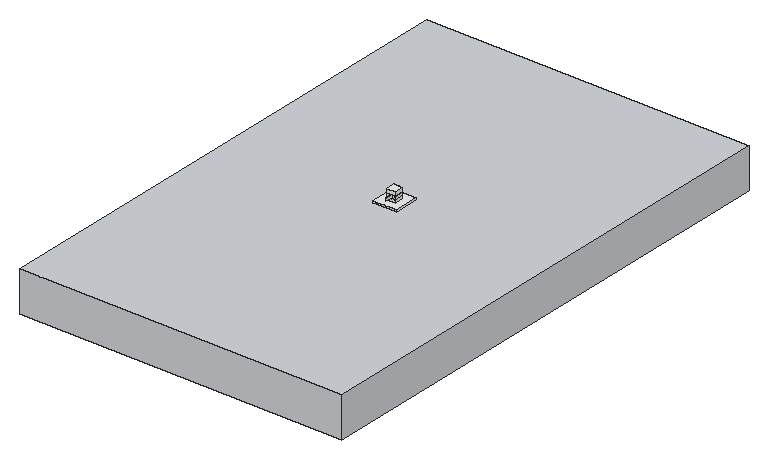
Revit family "Thermostatic_Trim-GROHE-Eurocube-19926000", category Plumbing Fixtures, host Face, Revit 2014
Parameters (values of type "19926000")
  Width = 7 3/16"  # constant formula
  Waste Connection = no
  Warranty Documentation Link = "https://cdn.cloud.grohe.com/tpi/1000/1900/1940/1949/1949006/original/1949006.pdf"
  WFU = 4  # constant formula
  Vent Connection = no
  URL = "https://www.grohe.us/"
  Type Comments = ""
  Tempered Connection Radius = Tempered Connection Diameter / 2  # 1/4"
  Tempered Connection Diameter = Hot Water Connection Diameter  # 1/2"
  Product Page URL = "https://www.grohe.us/en_us/eurocube-single-function-thermostatic-trim-with-control-module-19926000.html"
  Price = "Prices may vary. Please consult Manufacturer Representative for most up-to-date price list."  # constant formula
  Model = "19926000"
  Material = "Metal-Grohe-000-Chrome"
  Manufacturer = "Grohe"
  Length = 3 7/16"  # constant formula
  Installation Type = "Wall Mounted"
  Hot Water Connection Radius = Hot Water Connection Diameter / 2  # 1/4"
  Hot Water Connection Diameter = Cold Water Connection Diameter  # 1/2"
  Height = 40"
  HWFU = 3  # constant formula
  HW Connection = yes
  Flow Rate = "6.6 gpm (25 L/min)"  # constant formula
  Finish = Metal-Grohe-000-Chrome
  Description = "Eurocube Single function thermostatic trim with control module"  # constant formula
  Default Elevation = 44"  # constant formula
  Creation Date = "06/29/2017"  # constant formula
  Cold Water Connection Radius = 1/4"  # constant formula
  Cold Water Connection Diameter = Cold Water Connection Radius * 2  # 1/2"
  CWFU = 3  # constant formula
  CW Connection = yes
  Assembly Code = "D2010710"
Reference planes (in)
  plane 1 "Center (Front/Back)": y = 0
  plane 2: z = 0
  plane 3 "Center (Left/Right)": x = 0
  plane 4: y = 40
  plane 5: y = -18
  plane 6: y = -39
  plane 7: y = 3.34375
  plane 8: y = -3.34375
  plane 9: x = 3.34375
  plane 10: x = -3.34375
  plane 11: z = 0.75
  plane 12: y = 1.25
  plane 13: y = -1.25
  plane 14: x = -1.25
  plane 15: x = 1.25
  plane 16: x = -0.15075
  plane 17: x = 0.15075
Forms (in)
  Extrusion 1, solid
    sketch origin (0, 0, 0) x (1, 0, 0) y (0, 1, 0)
      loop
        line (-48, 72) -> (-48, -79.70833) -> (48, -79.70833) -> (48, 72) -> (-48, 72)
    from 0 to -12
  Extrusion 2, solid, material "Metal-Grohe-000-Chrome" <- "Finish"
    sketch origin (0, 0, 0) x (1, 0, 0) y (0, 1, 0)
      loop
        line (-3.53758, 3.58094) -> (-3.53758, -3.60462) -> (3.53758, -3.60462) -> (3.53758, 3.58094) -> (-3.53758, 3.58094)
    from 0 to 0.50639
  Extrusion 3, solid, material "Metal-Grohe-000-Chrome" <- "Finish"
    sketch origin (0, 0, 0) x (1, 0, 0) y (0, 1, 0)
      loop
        line (-1.27501, 1.26317) -> (-1.27501, -1.28685) -> (1.27501, -1.28685) -> (1.27501, 1.26317) -> (-1.27501, 1.26317)
    from 0.18606 to 3.51071
  Extrusion 4, void
    sketch origin (0, 0, 0) x (1, 0, 0) y (0, 1, 0)
      loop
        line (-1.21251, 1.20067) -> (-1.21251, -1.22435) -> (1.21251, -1.22435) -> (1.21251, 1.20067) -> (-1.21251, 1.20067)
      loop
        line (-1.33751, 1.32567) -> (-1.33751, -1.34935) -> (1.33751, -1.34935) -> (1.33751, 1.32567) -> (-1.33751, 1.32567)
    from 1.36659 to 1.43215
  Extrusion 5, solid, material "Metal-Grohe-000-Chrome" <- "Finish"
    sketch origin (0, 0, 0) x (1, 0, 0) y (0, 1, 0)
      loop
        line (-0.09197, -3.34375) -> (0.09197, -3.34375) -> (0.1607, -0.93856) -> (-0.1607, -0.93856) -> (-0.09197, -3.34375)
    from 1.46131 to 2.17914
  Extrusion 6, solid, material "Metal-Grohe-000-Chrome" <- "Finish"
    sketch origin (0, 0, 0) x (1, 0, 0) y (0, 1, 0)
      loop
        circle (-0.81362, 0) r 0.25
      loop
        circle (0.81362, 0) r 0.25
    from 0 to 0.0625
  Extrusion 7, solid, material "Metal-Grohe-000-Chrome" <- "Finish"
    sketch origin (0, 0, 0) x (0, 1, 0) y (0, 0, 1)
      loop
        line (1.63208, 3.20018) -> (0.69479, 3.20018) -> (0.69479, 2.40512) -> (1.63208, 2.40512) -> (1.63208, 3.20018)
    from -0.15075 to 0.15075
  Extrusion 8, void
    sketch origin (0, -0.04483, 0.85534) x (1, 0, 0) y (0, 1, 0)
      loop
        line (-1.21251, 1.20067) -> (-1.21251, -1.22435) -> (1.21251, -1.22435) -> (1.21251, 1.20067) -> (-1.21251, 1.20067)
      loop
        line (-1.33751, 1.32567) -> (-1.33751, -1.34935) -> (1.33751, -1.34935) -> (1.33751, 1.32567) -> (-1.33751, 1.32567)
    from 1.36659 to 1.43215
Cuts and joins
  Extrusion 4, Extrusion 8 cuts Extrusion 2
  Extrusion 4, Extrusion 8 cuts Extrusion 3
  Extrusion 8 cuts Extrusion 5
  Extrusion 8 cuts Extrusion 6
  joined: Extrusion 2, Extrusion 3, Extrusion 5, Extrusion 6, Extrusion 7
Lines and regions (in)
  Masking region 1
    outline origin (0, 0, 0) x (1, 0, 0) y (0, 0, 1)
      loop
        line (3.53758, 0) -> (3.53758, 0.50639) -> (1.27501, 0.50639) -> (1.27501, 1.36659) -> (1.21251, 1.36659) -> (1.21251, 1.43215) -> (1.27501, 1.43215) -> (1.27501, 2.22193) -> (1.21251, 2.22193) -> (1.21251, 2.28749) -> (1.27501, 2.28749) -> (1.27501, 3.51071) -> (-1.27501, 3.51071) -> (-1.27501, 2.28749) -> (-1.21251, 2.28749) -> (-1.21251, 2.22193) -> (-1.27501, 2.22193) -> (-1.27501, 1.43215) -> (-1.21251, 1.43215) -> (-1.21251, 1.36659) -> (-1.27501, 1.36659) -> (-1.27501, 0.50639) -> (-3.53758, 0.50639) -> (-3.53758, 0) -> (3.53758, 0)
  symbolic lines, detail levels medium+fine
    curve 1: line (1.27501, 0, 0.50639) -> (-1.27501, 0, 0.50639)
    curve 6: line (0.15075, 0, 3.20018) -> (-0.15075, 0, 3.20018)
    curve 7: line (0.15075, 0, 2.40512) -> (0.15075, 0, 3.20018)
    curve 8: line (-0.15075, 0, 2.40512) -> (0.15075, 0, 2.40512)
    curve 9: line (-0.15075, 0, 3.20018) -> (-0.15075, 0, 2.40512)
  symbolic lines, detail levels fine
    curve 2: line (1.21251, 0, 1.43215) -> (-1.21251, 0, 1.43215)
    curve 3: line (1.21251, 0, 1.36659) -> (-1.21251, 0, 1.36659)
    curve 4: line (1.21251, 0, 2.28749) -> (-1.21251, 0, 2.28749)
    curve 5: line (1.21251, 0, 2.22193) -> (-1.21251, 0, 2.22193)
Dimensions and locks (in)
  plane 1 "Center (Front/Back)" to plane 5 = 18"
  plane 5 to plane 6 = 21"
  plane 1 "Center (Front/Back)" to plane 4 = 40"
  equal spacing: plane 7, plane 1 "Center (Front/Back)", plane 8
  plane 7 to plane 8 = 6 11/16"
  plane 11 to level = 3/4"
  "Hot Water Connection Diameter": diameter of Extrusion 6 sketch curve
  "Cold Water Connection Diameter": diameter of Extrusion 6 sketch curve
  aligned and locked: plane 2 to Extrusion 1
  aligned and locked: level to Extrusion 1
Automatic sketch dimensions
  Extrusion 1 sketch curve to Extrusion 1 sketch curve = 96"
  Extrusion 1 sketch curve to Extrusion 1 sketch curve = 151.70833"
  Extrusion 2 sketch curve to plane 10 = 0.19383"
  Extrusion 2 sketch curve to plane 9 = 0.19383"
  Extrusion 2 sketch curve to plane 8 = 0.26087"
  Extrusion 2 sketch curve to plane 7 = 0.23719"
  plane 14 to Extrusion 3 sketch curve = 0.02501"
  plane 15 to Extrusion 3 sketch curve = 0.02501"
  plane 13 to Extrusion 3 sketch curve = 0.03685"
  plane 12 to Extrusion 3 sketch curve = 0.01317"
  plane 14 to Extrusion 4 sketch curve = 0.08751"
  Extrusion 4 sketch curve to plane 14 = 0.03749"
  Extrusion 4 sketch curve to plane 15 = 0.03749"
  plane 15 to Extrusion 4 sketch curve = 0.08751"
  plane 13 to Extrusion 4 sketch curve = 0.09935"
  Extrusion 4 sketch curve to plane 13 = 0.02565"
  Extrusion 4 sketch curve to plane 12 = 0.04933"
  plane 12 to Extrusion 4 sketch curve = 0.07567"
  Extrusion 5 sketch curve to plane 8 = 0"
  Extrusion 5 sketch curve to plane 3 "Center (Left/Right)" = 0.1607"
  Extrusion 5 sketch curve to plane 3 "Center (Left/Right)" = 0.09197"
  plane 3 "Center (Left/Right)" to Extrusion 5 sketch curve = 0.09197"
  plane 3 "Center (Left/Right)" to Extrusion 5 sketch curve = 0.1607"
  Extrusion 5 sketch curve to plane 13 = 0.31144"
  plane 1 "Center (Front/Back)" to Extrusion 6 sketch curve = 0"  (x2)
  Extrusion 6 sketch curve to plane 14 = 0.43638"
  Extrusion 6 sketch curve to plane 15 = 0.43638"
  Extrusion 7 sketch curve to plane 12 = 0.55521"
  plane 12 to Extrusion 7 sketch curve = 0.38208"
  plane 11 to Extrusion 7 sketch curve = 1.65512"
  Extrusion 7 sketch curve to Extrusion 7 sketch curve = 0.79506"
  plane 12 to Extrusion 8 sketch curve = 0.03084"
  plane 14 to Extrusion 8 sketch curve = 0.08751"
  Extrusion 8 sketch curve to plane 14 = 0.03749"
  Extrusion 8 sketch curve to plane 15 = 0.03749"
  plane 15 to Extrusion 8 sketch curve = 0.08751"
  Extrusion 8 sketch curve to plane 12 = 0.09416"
  plane 13 to Extrusion 8 sketch curve = 0.01918"
  plane 13 to Extrusion 8 sketch curve = 0.14418"
  Masking region 1 sketch curve to level = 0"
  Masking region 1 sketch curve to plane 10 = 0.19383"
  plane 14 to Masking region 1 sketch curve = 0.02501"  (x3)
  Masking region 1 sketch curve to plane 14 = 0.03749"  (x2)
  Masking region 1 sketch curve to plane 15 = 0.03749"  (x2)
  plane 15 to Masking region 1 sketch curve = 0.02501"  (x3)
  Masking region 1 sketch curve to plane 9 = 0.19383"
  Masking region 1 sketch curve to plane 11 = 0.24361"  (x2)
  plane 11 to Masking region 1 sketch curve = 0.61659"  (x2)
  Masking region 1 sketch curve to Masking region 1 sketch curve = 0.06556"  (x4)
  Masking region 1 sketch curve to Masking region 1 sketch curve = 0.78977"  (x2)
  Masking region 1 sketch curve to Masking region 1 sketch curve = 1.22323"
  plane 16 to curve 6 = 0"
  curve 6 to plane 17 = 0"
  plane 11 to curve 8 = 1.65512"
  curve 7 to curve 6 = 0.79506"
  curve 5 to plane 14 = 0.03749"
  curve 3 to plane 14 = 0.03749"
  curve 2 to plane 14 = 0.03749"
  curve 4 to plane 14 = 0.03749"
  plane 14 to curve 1 = 0.02501"
  curve 3 to plane 15 = 0.03749"
  curve 5 to plane 15 = 0.03749"
  curve 4 to plane 15 = 0.03749"
  curve 2 to plane 15 = 0.03749"
  plane 15 to curve 1 = 0.02501"
  curve 4 to curve 8 = 0.11763"
  curve 5 to curve 4 = 0.06556"
  plane 11 to curve 2 = 0.68215"
  curve 3 to curve 2 = 0.06556"
  curve 1 to plane 11 = 0.24361"
Connectors (in)
  piping at (-0.81362, 0, 0), diameter 0.5, driven by "Hot Water Connection Diameter"
    settings: on Extrusion 6, index 1, connector inside diameter 24", connector length 0", flow factor 0, pipe flow 0 GPM, pressure drop 0.00 psi, fitting loss kfactor 0, connector angle 0.00°, fixture units 0, engagement length 0", angle of deflection 0.00°, flow configuration 3, flow direction 1, fitting loss method 0, system type 19, joint type 0, gender type 0, connector reference index -1, connector utility 0, adjustable connector no, is connector primary yes, connector description "1/2\" NPT HW Inlet"
  piping at (0.81362, 0, 0), diameter 0.5, driven by "Cold Water Connection Diameter"
    settings: on Extrusion 6, index 2, connector inside diameter 24", connector length 0", flow factor 0, pipe flow 0 GPM, pressure drop 0.00 psi, fitting loss kfactor 0, connector angle 0.00°, fixture units 0, engagement length 0", angle of deflection 0.00°, flow configuration 3, flow direction 1, fitting loss method 0, system type 20, joint type 0, gender type 0, connector reference index -1, connector utility 0, adjustable connector no, is connector primary no, connector description "1/2\" NPT CW Inlet"
